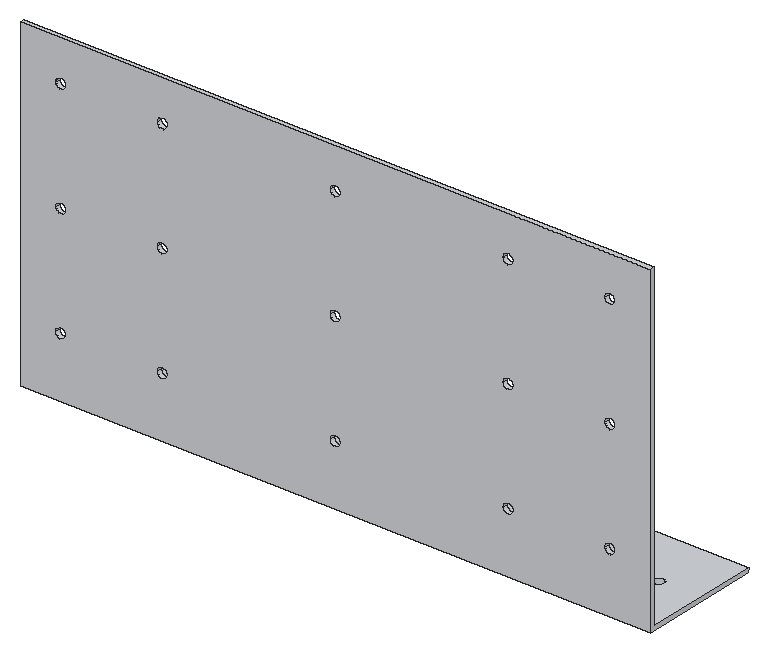
Revit family "Rigid Clip Connector(RCC)", category Structural Connections, Revit 2024
Family settings
  Material for Model Behavior = Other
  Work Plane-Based = No
  Enable Cutting in Views = Yes
  Always vertical = No
  Cut with Voids When Loaded = No
  Shared = No
Parameters (values of type "7-3/4''")
  offset_from_edge = 0' - 0 1/2"
  hole_diameter = 0' - 0 1/8"
  d3 = 0' - 1 1/4"
  d2 = 0' - 2 1/8"
  d1 = 0' - 2 1/8"
  anchor bolt d = 0' - 0 1/2"
  URL = "https://www.marinoware.com/product-category/framerite-connectors/rigid/"
  Thickness = 0' - 0 7/128"
  Product Submittal Link = "https://www.marinoware.com/submittal/"
  Product Info = "Rigid Clip Connector (RCC)"
  Manufacturer = "Marino\\WARE®"
  Length = 0' - 7 3/4"
  Y Axis Rotation [instance] = 0.00°
  Leg2 = 0' - 1 1/2"
  X Axis Rotation [instance] = 0.00°
  Leg1 = 0' - 4"
  Flipped [instance] = no
  Z Axis Rotation [instance] = 0.00°
Types (3): name | d3 | d2 | d1 | URL | Product Submittal Link | Product Info | Manufacturer | Length
  3-1/4'' | 0' - 1 11/16" | 0' - 1 1/8" | 0' - 1 1/8" | 0' - 0" | "" | "" | 0' - 0" | 0' - 3 1/4"
  5-1/4'' | 0' - 1 11/16" | 0' - 2 1/8" | 0' - 2 1/8" | 0' - 0" | "" | "" | 0' - 0" | 0' - 5 1/4"
  7-3/4'' | 0' - 1 1/4" | 0' - 2 1/8" | 0' - 2 1/8" | "https://www.marinoware.com/product-category/framerite-connectors/rigid/" | "https://www.marinoware.com/submittal/" | "Rigid Clip Connector (RCC)" | "Marino\\WARE®" | 0' - 7 3/4"
Reference planes (in)
  plane 1 "Center (Front/Back)": y = 0
  plane 2: z = 0
  plane 3 "Center (Left/Right)": x = 0
  plane 4: y = 0.05469
  plane 5: z = 0.05469
  plane 6: z = 4
  plane 7: y = 1.5
  plane 8: x = -3.375
  plane 9: z = 3.5
  plane 10: y = 0.75
  plane 11: z = 2.125
  plane 12: z = 0.75
  plane 13: x = 0
  plane 14: x = -3.375
  plane 15: x = 3.375
  plane 16: x = 3.875
  plane 17: x = -3.875
  plane 18: x = 2.125
  plane 19: y = 0.75
  plane 20: x = -2.125
  plane 21: x = -2.125
  plane 22: x = 0
  plane 23: x = 2.125
  plane 24: x = 3.375
Forms (in)
  Extrusion 1, solid
    sketch origin (-1.875, 0, 0) x (0, -1, 0) y (0, 0, -1)
      loop
        line (0, -4) -> (0, 0) -> (-1.5, 0) -> (-1.5, -0.05469) -> (-0.05469, -0.05469) -> (-0.05469, -4) -> (0, -4)
    from -2 to 5.75
  Extrusion 2, void
    sketch origin (0, 0, 0) x (1, 0, 0) y (0, 0, 1)
      loop
        circle (-3.375, 3.5) r 0.0625
      loop
        circle (-3.375, 2.125) r 0.0625
      loop
        circle (-3.375, 0.75) r 0.0625
      loop
        circle (-2.125, 3.5) r 0.0625
      loop
        circle (-2.125, 2.125) r 0.0625
      loop
        circle (-2.125, 0.75) r 0.0625
      loop
        circle (2.125, 3.5) r 0.0625
      loop
        circle (2.125, 2.125) r 0.0625
      loop
        circle (2.125, 0.75) r 0.0625
      loop
        circle (3.375, 3.5) r 0.0625
      loop
        circle (3.375, 2.125) r 0.0625
      loop
        circle (3.375, 0.75) r 0.0625
      loop
        circle (0, 3.5) r 0.0625
      loop
        circle (0, 2.125) r 0.0625
      loop
        circle (0, 0.75) r 0.0625
    from -0.05469 to 0
  Extrusion 3, void
    sketch origin (-1.875, 0, 0) x (1, 0, 0) y (0, 1, 0)
      loop
        circle (1.875, 0.75) r 0.25
      loop
        circle (5.25, 0.75) r 0.0625
      loop
        circle (-1.5, 0.75) r 0.0625
    from 0 to 0.05469
  Extrusion 4, void
    sketch origin (0, 0, 0) x (1, 0, 0) y (0, 1, 0)
      loop
        circle (2.125, 0.75) r 0.0625
    from 0 to 0.05469
  Extrusion 5, void
    sketch origin (-2.18911, 0, 0) x (1, 0, 0) y (0, 1, 0)
      loop
        circle (0.06411, 0.75) r 0.0625
    from 0 to 0.05469
Cuts and joins
  Extrusion 2, Extrusion 3, Extrusion 4, Extrusion 5 cuts Extrusion 1
Lines and regions (in)
  reference lines, not visible
    curve 1: line (0, 0, 0) -> (6, 0, 0)
Dimensions and locks (in)
  "Thickness": level to plane 5
  "Thickness": plane 4 to plane 1 "Center (Front/Back)"
  "Leg1": plane 6 to level
  "Leg2": plane 7 to plane 1 "Center (Front/Back)"
  "Leg2": plane 1 "Center (Front/Back)" to plane 7
  "Length": plane 17 to plane 16
  equal spacing: plane 17, plane 3 "Center (Left/Right)", plane 16
  "d1": plane 3 "Center (Left/Right)" to plane 18
  "d1": plane 20 to plane 3 "Center (Left/Right)"
  "d2": plane 23 to plane 22 to plane 21
  "d3": plane 21 to plane 8
  "d3": plane 24 to plane 23
  "anchor bolt d": diameter of Extrusion 3 sketch curve
  "hole_diameter": diameter of Extrusion 3 sketch curve  (x2)
  "hole_diameter": diameter of Extrusion 5 sketch curve
  "hole_diameter": diameter of Extrusion 4 sketch curve
  "hole_diameter": diameter of Extrusion 2 sketch curve  (x15)
  aligned and locked: plane 2 to level
  aligned and locked: plane 4 to Extrusion 1
  aligned and locked: Extrusion 1 to plane 5
  aligned and locked: Extrusion 1 to plane 7
  aligned and locked: plane 6 to Extrusion 1
  aligned and locked: plane 16 to Extrusion 1
  aligned and locked: Extrusion 1 to plane 17
  aligned and locked: Extrusion 1 to Extrusion 5
  aligned and locked: Extrusion 1 to Extrusion 3
  aligned and locked: Extrusion 1 to Extrusion 4
  aligned and locked: Extrusion 3 to plane 5
Automatic sketch dimensions
  plane 1 "Center (Front/Back)" to curve 1 = 0' - 0"
  curve 1 to plane 3 "Center (Left/Right)" = 0' - 0"
  plane 16 to curve 1 = 0' - 2 1/8"
  Extrusion 5 sketch curve to plane 19 = 0' - 0"
  Extrusion 5 sketch curve to plane 20 = 0' - 0"
  Extrusion 4 sketch curve to plane 18 = 0' - 0"
  Extrusion 4 sketch curve to plane 19 = 0' - 0"
  Extrusion 1 sketch curve to plane 5 = 0' - 0"
  Extrusion 1 sketch curve to plane 7 = 0' - 0"
  Extrusion 1 sketch curve to plane 4 = 0' - 0"
  Extrusion 1 sketch curve to plane 1 "Center (Front/Back)" = 0' - 0"
  Extrusion 1 sketch curve to plane 6 = 0' - 0"
  Extrusion 1 sketch curve to level = 0' - 0"
  Extrusion 2 sketch curve to plane 8 = 0' - 0"  (x3)
  Extrusion 2 sketch curve to plane 11 = 0' - 0"  (x5)
  Extrusion 2 sketch curve to plane 20 = 0' - 0"  (x3)
  Extrusion 2 sketch curve to plane 12 = 0' - 0"  (x5)
  Extrusion 2 sketch curve to plane 9 = 0' - 0"  (x5)
  Extrusion 2 sketch curve to plane 3 "Center (Left/Right)" = 0' - 0"  (x3)
  Extrusion 2 sketch curve to plane 18 = 0' - 0"  (x3)
  Extrusion 2 sketch curve to plane 24 = 0' - 0"  (x3)
  Extrusion 3 sketch curve to plane 10 = 0' - 0"  (x3)
  Extrusion 3 sketch curve to plane 14 = 0' - 0"
  Extrusion 3 sketch curve to plane 3 "Center (Left/Right)" = 0' - 0"
  Extrusion 3 sketch curve to plane 15 = 0' - 0"
